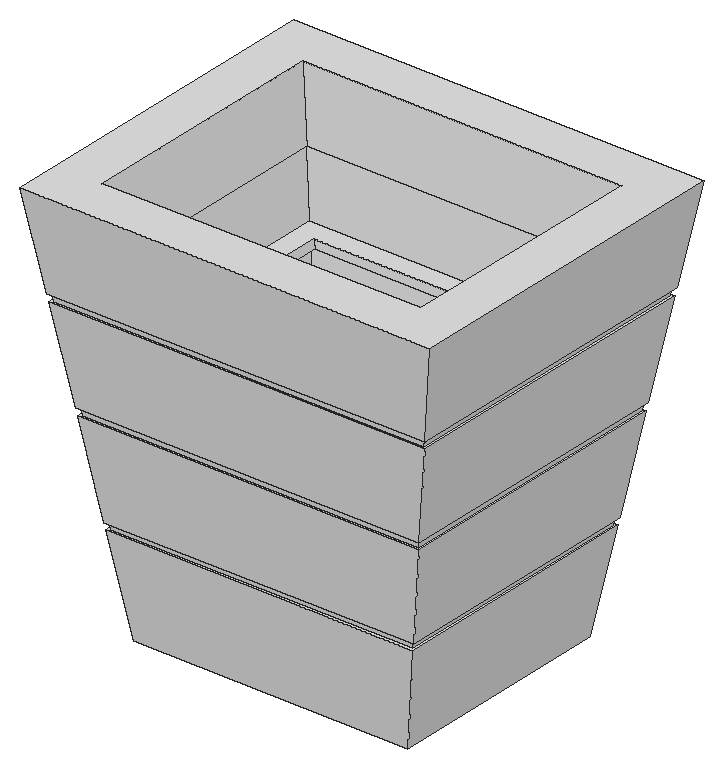
Revit family "Specialty_Equipment-Planter-Planters_Unlimited-Madera-Tapered-Square-Rectangular", category Specialty Equipment, Revit 2023
Family settings
  Round Connector Dimension = Use Diameter
  Part Type = Normal
  OmniClass Number = 23.40.05.21.17
  OmniClass Title = Planters
  Work Plane-Based = No
  Enable Cutting in Views = Yes
  Always vertical = Yes
  Cut with Voids When Loaded = No
  Maintain Annotation Orientation = No
  Shared = No
  Room Calculation Point = No
Parameters (values of type "Default - Load Type Catalog")
  Square Planter = not(Rectangle Planter)  # no
  Rectangle Planter = if(CD_Length / CD_Width = 1, 1 = 0, 1 = 1)  # yes
  CD_Width Min = 15"
  CD_Width Max = 72"
  CD_Width = if(CD_Requested Width < CD_Width Min, CD_Width Min, if(CD_Requested Width > CD_Width Max, CD_Width Max, CD_Requested Width))  # 15"
  CD_Stiffener Bottom Width = CD_Width / 1.3  # 11.53846"
  CD_Stiffener Bottom Length = CD_Length / 1.3  # 13.84615"
  CD_Stiffener Top Width = CD_Width / 1.15  # 13.04348"
  CD_Stiffener Top Length = CD_Length / 1.15  # 15.65217"
  CD_Requested Width Bottom = CD_Width / 1.5  # 10"
  CD_Requested Width = 15"
  URL = "https://www.plantersunlimited.com"
  Type Comments = "Rectangular/Square Tapered Planter"  # constant formula
  Model = "Madera Series Planters"  # constant formula
  Material = Plastic-Fiberglass-Carlsbad-Faux Wood-Grey
  Manufacturer = "Planters Unlimited"  # constant formula
  CD_Requested Length Bottom = CD_Length / 1.5  # 12"
  CD_Requested Length = 18"
  CD_Requested Height = 18"
  Description = "Modular Planting Bed"  # constant formula
  Default Elevation = 0"
  CD_Specification = "https://www.plantersunlimited.com/content/Planters/F1-MAN-TS2430-BL-M-ND.pdf"
  CD_Product Page URL = "https://www.plantersunlimited.com/manhattan-square-planters/"
  CD_Product Name = "Madera Planter"  # constant formula
  CD_Offset = 0"
  CD_Microsite = ""
  CD_Length Min = 18"
  CD_Length Max = 120"
  CD_Length = if(CD_Requested Length < CD_Length Min, CD_Length Min, if(CD_Requested Length > CD_Length Max, CD_Length Max, CD_Requested Length))  # 18"
  CD_Height Min = 18"
  CD_Height Max = 60"
  CD_Height = if(CD_Requested Height < CD_Height Min, CD_Height Min, if(CD_Requested Height > CD_Height Max, CD_Height Max, CD_Requested Height))  # 18"
  Assembly Code = "G2050600"
Reference planes (in)
  plane 1 "Center (Front/Back)": y = 0
  plane 2 "Bottom": z = 0
  plane 3 "Center (Left/Right)": x = 0
  plane 4 "Back": y = 7.5
  plane 5 "Front": y = -7.5
  plane 6 "Left": x = -9
  plane 7 "Right": x = 9
  plane 8 "Top": z = 18
  plane 9 "Top of Pads": z = 0.125
  plane 10: z = 0
  plane 11 "Back Bottom": y = 5
  plane 12 "Front Bottom": y = -5
  plane 13 "Left Bottom": x = -6
  plane 14 "Right Bottom": x = 6
  plane 15 "Top Opening Left": x = -7.25
  plane 16 "Top Opening Right": x = 7.25
  plane 17 "Top Opening Back": y = 5.75
  plane 18 "Top Opening Front": y = -5.75
  plane 19 "Bottom Opening": z = 2.125
  plane 20 "Trim Left": x = -7
  plane 21 "Trim Right": x = 7
  plane 22 "Trim Back": y = 5.5
  plane 23 "Trim Front": y = -5.5
  plane 24 "Trim Depth": z = 15
  plane 25 "Stiffener Top": z = 12
  plane 26 "Stiffener Bottom": z = 6
  plane 27 "Left Bottom Opening": x = -4.65084
  plane 28 "Right Bottom Opening": x = 4.65084
  plane 29 "Back Bottom Opening": y = 3.65234
  plane 30 "Front Bottom Opening": y = -3.65234
  plane 31 "Left Stiffener": x = -7.82609
  plane 32 "Right Stiffener": x = 7.82609
  plane 33 "Back Stiffener": y = 6.52174
  plane 34 "Front Stiffener": y = -6.52174
  plane 35 "Bottom Stiffener Left": x = -6.92308
  plane 36 "Bottom Stiffner Right": x = 6.92308
  plane 37 "Botton Stiffener Back": y = 5.76923
  plane 38 "Bottom Stiffener Front": y = -5.76923
  plane 39 "Wood One": z = 4.5
  plane 40 "Wood Two": z = 9
  plane 41 "Wood Three": z = 13.5
Forms (in)
  Blend 1, solid, material "Plastic-Fiberglass-Carlsbad-Faux Wood-Grey" <- "Material", detail levels fine
    base sketch origin (0, 0, 0) x (1, 0, 0) y (0, 1, 0)
      loop
        line (-6, 5) -> (-6, -5) -> (6, -5) -> (6, 5) -> (-6, 5)
    top sketch origin (0, 0, 0) x (1, 0, 0) y (0, 1, 0)
      loop
        line (-9, 7.5) -> (-9, -7.5) -> (9, -7.5) -> (9, 7.5) -> (-9, 7.5)
    from 0.125 to 18
  Blend 2, void
    base sketch origin (0, 0.08407, 0) x (1, 0, 0) y (0, 1, 0)
      loop
        line (-4.65084, 3.56828) -> (-4.65084, -3.73641) -> (4.65084, -3.73641) -> (4.65084, 3.56828) -> (-4.65084, 3.56828)
    top sketch origin (0, 0.08407, 0) x (1, 0, 0) y (0, 1, 0)
      loop
        line (-7.25, 5.66593) -> (-7.25, -5.83407) -> (7.25, -5.83407) -> (7.25, 5.66593) -> (-7.25, 5.66593)
    from 2.125 to 18
  Extrusion 3, solid, material "Plastic-Fiberglass-Carlsbad-Faux Wood-Grey" <- "Material", detail levels fine
    sketch origin (0, 0, 0) x (1, 0, 0) y (0, 1, 0)
      loop
        line (5, 4) -> (2, 4) -> (2, 1) -> (5, 1) -> (5, 4)
      loop
        line (-5, 4) -> (-5, 1) -> (-2, 1) -> (-2, 4) -> (-5, 4)
      loop
        line (5, -4) -> (5, -1) -> (2, -1) -> (2, -4) -> (5, -4)
      loop
        line (-5, -4) -> (-2, -4) -> (-2, -1) -> (-5, -1) -> (-5, -4)
    from 0 to 0.125
  Sweep 4, solid, material "Plastic-Fiberglass-Carlsbad-Faux Wood-Grey" <- "Material", detail levels fine
    path origin (0, 0, 0) x (1, 0, 0) y (0, 1, 0)
      loop
        line (7.25, 5.75) -> (-7.25, 5.75)
    profile origin (0, 5.75, 0) x (0, -1, 0) y (0, 0, 1)
      loop
        line (0, 18) -> (0.39641, 15) -> (0.64696, 15) -> (0.25055, 18) -> (0, 18)
  Sweep 5, solid, material "Plastic-Fiberglass-Carlsbad-Faux Wood-Grey" <- "Material", detail levels fine
    path origin (0, 0, 0) x (1, 0, 0) y (0, 1, 0)
      loop
        line (-7.25, -5.75) -> (7.25, -5.75)
    profile origin (0, -5.75, 0) x (0, 1, 0) y (0, 0, 1)
      loop
        line (0, 18) -> (0.39641, 15) -> (0.64524, 15) -> (0.24883, 18) -> (0, 18)
  Sweep 6, solid, material "Plastic-Fiberglass-Carlsbad-Faux Wood-Grey" <- "Material", detail levels fine
    path origin (0, 0, 0) x (1, 0, 0) y (0, 1, 0)
      loop
        line (-7.25, 5.75) -> (-7.25, -5.75)
    profile origin (-7.25, 0, 0) x (1, 0, 0) y (0, 0, 1)
      loop
        line (0, 18) -> (0.49118, 15) -> (0.74274, 15) -> (0.25156, 18) -> (0, 18)
  Sweep 7, solid, material "Plastic-Fiberglass-Carlsbad-Faux Wood-Grey" <- "Material", detail levels fine
    path origin (0, 0, 0) x (1, 0, 0) y (0, 1, 0)
      loop
        line (7.25, 5.75) -> (7.25, -5.75)
    profile origin (7.25, 0, 0) x (1, 0, 0) y (0, 0, 1)
      loop
        line (0, 18) -> (-0.2523, 18) -> (-0.74348, 15) -> (-0.49118, 15) -> (0, 18)
  Extrusion 8, solid, material "Plastic-Fiberglass-Carlsbad-Faux Wood-Grey" <- "Material", visible <- "Rectangle Planter", detail levels fine
    sketch origin (5.5, 0, 0) x (1, 0, 0) y (0, 1, 0)
      loop
        line (-7, 4) -> (-7, 1) -> (-4, 1) -> (-4, 4) -> (-7, 4)
      loop
        line (-7, -4) -> (-4, -4) -> (-4, -1) -> (-7, -1) -> (-7, -4)
    from 0 to 0.125
  Sweep 9, solid, material "Plastic-Fiberglass-Carlsbad-Faux Wood-Grey" <- "Material", detail levels fine
    path origin (-18, -180, 12) x (-1, 0, 0) y (0, -1, 0)
      loop
        line (-12, -186.52174) -> (-12, -173.47826)
    profile origin (-6, 0, 12) x (1, 0, 0) y (0, 0, 1)
      loop
        line (-0.2978, 0.18423) -> (-0.23748, -0.18423) -> (0.68302, -0.18423) -> (0.62269, 0.18423) -> (-0.2978, 0.18423)
  Sweep 10, solid, material "Plastic-Fiberglass-Carlsbad-Faux Wood-Grey" <- "Material", detail levels fine
    path origin (-18, -180, 12) x (-1, 0, 0) y (0, -1, 0)
      loop
        line (-24, -186.52174) -> (-24, -173.47826)
    profile origin (6, 0, 12) x (1, 0, 0) y (0, 0, 1)
      loop
        line (-0.5669, 0.18423) -> (-0.62723, -0.18423) -> (0.23748, -0.18423) -> (0.2978, 0.18423) -> (-0.5669, 0.18423)
  Sweep 11, solid, material "Plastic-Fiberglass-Carlsbad-Faux Wood-Grey" <- "Material", detail levels fine
    path origin (-18, -180, 12) x (-1, 0, 0) y (0, -1, 0)
      loop
        line (-12, -185.76923) -> (-12, -174.23077)
    profile origin (-6, 0, 12) x (1, 0, 0) y (0, 0, 1)
      loop
        line (0.68456, -5.81577) -> (0.74489, -6.18423) -> (1.66538, -6.18423) -> (1.60505, -5.81577) -> (0.68456, -5.81577)
  Sweep 12, solid, material "Plastic-Fiberglass-Carlsbad-Faux Wood-Grey" <- "Material", detail levels fine
    path origin (-18, -180, 12) x (-1, 0, 0) y (0, -1, 0)
      loop
        line (-24, -185.76923) -> (-24, -174.23077)
    profile origin (6, 0, 12) x (1, 0, 0) y (0, 0, 1)
      loop
        line (-1.54927, -5.81577) -> (-1.60959, -6.18423) -> (-0.74489, -6.18423) -> (-0.68456, -5.81577) -> (-1.54927, -5.81577)
  Sweep 13, solid, material "Plastic-Fiberglass-Carlsbad-Faux Wood-Grey" <- "Material", detail levels fine
    path origin (-18, -180, 12) x (-1, 0, 0) y (0, -1, 0)
      loop
        line (-11.07692, -185) -> (-24.92308, -185)
    profile origin (0, 5, 12) x (0, 1, 0) y (0, 0, 1)
      loop
        line (-0.81129, -5.81577) -> (-1.69389, -5.81577) -> (-1.74258, -6.18423) -> (-0.85997, -6.18423) -> (-0.81129, -5.81577)
  Sweep 14, solid, material "Plastic-Fiberglass-Carlsbad-Faux Wood-Grey" <- "Material", detail levels fine
    path origin (-18, -180, 12) x (-1, 0, 0) y (0, -1, 0)
      loop
        line (-11.07692, -173.47826) -> (-24.92308, -173.47826)
    profile origin (0, -6.52174, 12) x (0, 1, 0) y (0, 0, 1)
      loop
        line (3.20405, -5.81577) -> (2.33303, -5.81577) -> (2.38171, -6.18423) -> (3.25273, -6.18423) -> (3.20405, -5.81577)
  Extrusion 15, void, detail levels fine
    sketch origin (0, 0, 0) x (0, 1, 0) y (0, 0, 1)
      loop
        line (7.5, 18) -> (5, 0.125) -> (7.5, 0.125) -> (7.5, 18)
    from -9 to 9
  Sweep 16, solid, material "Plastic-Fiberglass-Carlsbad-Faux Wood-Grey" <- "Material", detail levels fine
    path origin (-18, -175.61663, 18) x (-1, 0, 0) y (0, -1, 0)
      loop
        line (-10.17391, -185) -> (-25.82609, -185)
    profile origin (0, 9.38337, 18) x (0, 1, 0) y (0, 0, 1)
      loop
        line (-4.40184, -5.81577) -> (-5.28444, -5.81577) -> (-5.33313, -6.18423) -> (-4.45052, -6.18423) -> (-4.40184, -5.81577)
  Sweep 17, solid, material "Plastic-Fiberglass-Carlsbad-Faux Wood-Grey" <- "Material", detail levels fine
    path origin (-18, -180.79281, 18) x (-1, 0, 0) y (0, -1, 0)
      loop
        line (-10.17391, -173.47826) -> (-25.82609, -173.47826)
    profile origin (0, -7.31455, 18) x (0, 1, 0) y (0, 0, 1)
      loop
        line (3.20405, -5.81577) -> (2.33303, -5.81577) -> (2.38171, -6.18423) -> (3.25273, -6.18423) -> (3.20405, -5.81577)
  Extrusion 18, void, detail levels fine
    sketch origin (0, 0, 0) x (0, -1, 0) y (0, 0, -1)
      loop
        line (7.5, -18) -> (7.5, -0.125) -> (5, -0.125) -> (7.5, -18)
    from -9 to 9
  Extrusion 19, void, detail levels fine
    sketch origin (0, 0, 0) x (1, 0, 0) y (0, 0, 1)
      loop
        line (-9, 18) -> (-9, 0.125) -> (-6, 0.125) -> (-9, 18)
    from -7.5 to 7.5
  Extrusion 20, void, detail levels fine
    sketch origin (0, 0, 0) x (-1, 0, 0) y (0, 0, -1)
      loop
        line (-9, -18) -> (-6, -0.125) -> (-9, -0.125) -> (-9, -18)
    from -7.5 to 7.5
  Blend 21, solid, material "Plastic-Fiberglass-Carlsbad-Faux Wood-Grey" <- "Material", detail levels medium
    base sketch origin (0, 0, 0) x (1, 0, 0) y (0, 1, 0)
      loop
        line (-6, 5) -> (-6, -5) -> (6, -5) -> (6, 5) -> (-6, 5)
    top sketch origin (0, 0, 0) x (1, 0, 0) y (0, 1, 0)
      loop
        line (-9, 7.5) -> (-9, -7.5) -> (9, -7.5) -> (9, 7.5) -> (-9, 7.5)
    from 0 to 18
  Extrusion 22, void, detail levels medium
    sketch origin (0, 0, 0) x (-1, 0, 0) y (0, 0, -1)
      loop
        line (-9, -18) -> (-6, 0) -> (-9, 0) -> (-9, -18)
    from -7.5 to 7.5
  Sweep 23, solid, material "Plastic-Fiberglass-Carlsbad-Faux Wood-Grey" <- "Material", detail levels medium
    path origin (0, 0, 0) x (1, 0, 0) y (0, 1, 0)
      loop
        line (-7.25, 5.75) -> (-7.25, -5.75)
    profile origin (-7.25, 0, 0) x (1, 0, 0) y (0, 0, 1)
      loop
        line (0, 18) -> (0.49118, 15) -> (0.74274, 15) -> (0.25156, 18) -> (0, 18)
  Extrusion 24, void, detail levels medium
    sketch origin (0, 0, 0) x (0, -1, 0) y (0, 0, -1)
      loop
        line (5, 0) -> (7.5, -18) -> (7.5, 0) -> (5, 0)
    from -9 to 9
  Sweep 25, solid, material "Plastic-Fiberglass-Carlsbad-Faux Wood-Grey" <- "Material", detail levels medium
    path origin (0, 0, 0) x (1, 0, 0) y (0, 1, 0)
      loop
        line (7.25, 5.75) -> (7.25, -5.75)
    profile origin (7.25, 0, 0) x (1, 0, 0) y (0, 0, 1)
      loop
        line (0, 18) -> (-0.2523, 18) -> (-0.74348, 15) -> (-0.49118, 15) -> (0, 18)
  Sweep 26, solid, material "Plastic-Fiberglass-Carlsbad-Faux Wood-Grey" <- "Material", detail levels medium
    path origin (0, 0, 0) x (1, 0, 0) y (0, 1, 0)
      loop
        line (7.25, 5.75) -> (-7.25, 5.75)
    profile origin (0, 5.75, 0) x (0, -1, 0) y (0, 0, 1)
      loop
        line (0, 18) -> (0.39641, 15) -> (0.64696, 15) -> (0.25055, 18) -> (0, 18)
  Sweep 27, solid, material "Plastic-Fiberglass-Carlsbad-Faux Wood-Grey" <- "Material", detail levels medium
    path origin (0, 0, 0) x (1, 0, 0) y (0, 1, 0)
      loop
        line (-7.25, -5.75) -> (7.25, -5.75)
    profile origin (0, -5.75, 0) x (0, 1, 0) y (0, 0, 1)
      loop
        line (0, 18) -> (0.39641, 15) -> (0.64524, 15) -> (0.24883, 18) -> (0, 18)
  Extrusion 28, void, detail levels medium
    sketch origin (0, 0, 0) x (1, 0, 0) y (0, 0, 1)
      loop
        line (-9, 18) -> (-9, 0) -> (-6, 0) -> (-9, 18)
    from -7.5 to 7.5
  Extrusion 29, void, detail levels medium
    sketch origin (0, 0, 0) x (-1, 0, 0) y (0, 0, -1)
      loop
        line (-9, -18) -> (-6, 0) -> (-9, 0) -> (-9, -18)
    from -7.5 to 7.5
  Extrusion 30, void, detail levels medium
    sketch origin (0, 0, 0) x (0, 1, 0) y (0, 0, 1)
      loop
        line (-7.5, 18) -> (-7.5, 0) -> (-5, 0) -> (-7.5, 18)
    from -9 to 9
  Blend 31, solid, material "Plastic-Fiberglass-Carlsbad-Faux Wood-Grey" <- "Material", detail levels coarse
    base sketch origin (0, 0, 0) x (1, 0, 0) y (0, 1, 0)
      loop
        line (-6, 5) -> (-6, -5) -> (6, -5) -> (6, 5) -> (-6, 5)
    top sketch origin (0, 0, 0) x (1, 0, 0) y (0, 1, 0)
      loop
        line (-9, 7.5) -> (-9, -7.5) -> (9, -7.5) -> (9, 7.5) -> (-9, 7.5)
    from 0 to 18
  Extrusion 32, void, detail levels medium
    sketch origin (0, 0, 0) x (0, 1, 0) y (0, 0, 1)
      loop
        line (5, 0) -> (7.5, 0) -> (7.5, 18) -> (5, 0)
    from -9 to 9
  Sweep 33, solid, material "Plastic-Fiberglass-Carlsbad-Faux Wood-Grey" <- "Material", detail levels medium
    path origin (-18, -180, 12) x (-1, 0, 0) y (0, -1, 0)
      loop
        line (-12, -186.52174) -> (-12, -173.47826)
    profile origin (-6, 0, 12) x (1, 0, 0) y (0, 0, 1)
      loop
        line (-0.2978, 0.18423) -> (-0.23748, -0.18423) -> (0.68302, -0.18423) -> (0.62269, 0.18423) -> (-0.2978, 0.18423)
  Sweep 34, solid, material "Plastic-Fiberglass-Carlsbad-Faux Wood-Grey" <- "Material", detail levels medium
    path origin (-18, -180, 12) x (-1, 0, 0) y (0, -1, 0)
      loop
        line (-24, -186.52174) -> (-24, -173.47826)
    profile origin (6, 0, 12) x (1, 0, 0) y (0, 0, 1)
      loop
        line (-0.5669, 0.18423) -> (-0.62723, -0.18423) -> (0.23748, -0.18423) -> (0.2978, 0.18423) -> (-0.5669, 0.18423)
  Sweep 35, solid, material "Plastic-Fiberglass-Carlsbad-Faux Wood-Grey" <- "Material", detail levels medium
    path origin (-18, -180, 12) x (-1, 0, 0) y (0, -1, 0)
      loop
        line (-12, -185.76923) -> (-12, -174.23077)
    profile origin (-6, 0, 12) x (1, 0, 0) y (0, 0, 1)
      loop
        line (0.68456, -5.81577) -> (0.74489, -6.18423) -> (1.66538, -6.18423) -> (1.60505, -5.81577) -> (0.68456, -5.81577)
  Sweep 36, solid, material "Plastic-Fiberglass-Carlsbad-Faux Wood-Grey" <- "Material", detail levels medium
    path origin (-18, -180, 12) x (-1, 0, 0) y (0, -1, 0)
      loop
        line (-24, -185.76923) -> (-24, -174.23077)
    profile origin (6, 0, 12) x (1, 0, 0) y (0, 0, 1)
      loop
        line (-1.54927, -5.81577) -> (-1.60959, -6.18423) -> (-0.74489, -6.18423) -> (-0.68456, -5.81577) -> (-1.54927, -5.81577)
  Sweep 37, solid, material "Plastic-Fiberglass-Carlsbad-Faux Wood-Grey" <- "Material", detail levels medium
    path origin (-18, -180, 12) x (-1, 0, 0) y (0, -1, 0)
      loop
        line (-11.07692, -185) -> (-24.92308, -185)
    profile origin (0, 5, 12) x (0, 1, 0) y (0, 0, 1)
      loop
        line (-0.81129, -5.81577) -> (-1.69389, -5.81577) -> (-1.74258, -6.18423) -> (-0.85997, -6.18423) -> (-0.81129, -5.81577)
  Sweep 38, solid, material "Plastic-Fiberglass-Carlsbad-Faux Wood-Grey" <- "Material", detail levels medium
    path origin (-18, -180, 12) x (-1, 0, 0) y (0, -1, 0)
      loop
        line (-11.07692, -173.47826) -> (-24.92308, -173.47826)
    profile origin (0, -6.52174, 12) x (0, 1, 0) y (0, 0, 1)
      loop
        line (3.20405, -5.81577) -> (2.33303, -5.81577) -> (2.38171, -6.18423) -> (3.25273, -6.18423) -> (3.20405, -5.81577)
  Sweep 39, solid, material "Plastic-Fiberglass-Carlsbad-Faux Wood-Grey" <- "Material", detail levels medium
    path origin (-18, -175.61663, 18) x (-1, 0, 0) y (0, -1, 0)
      loop
        line (-10.17391, -185) -> (-25.82609, -185)
    profile origin (0, 9.38337, 18) x (0, 1, 0) y (0, 0, 1)
      loop
        line (-4.40184, -5.81577) -> (-5.28444, -5.81577) -> (-5.33313, -6.18423) -> (-4.45052, -6.18423) -> (-4.40184, -5.81577)
  Sweep 40, solid, material "Plastic-Fiberglass-Carlsbad-Faux Wood-Grey" <- "Material", detail levels medium
    path origin (-18, -180.79281, 18) x (-1, 0, 0) y (0, -1, 0)
      loop
        line (-10.17391, -173.47826) -> (-25.82609, -173.47826)
    profile origin (0, -7.31455, 18) x (0, 1, 0) y (0, 0, 1)
      loop
        line (3.20405, -5.81577) -> (2.33303, -5.81577) -> (2.38171, -6.18423) -> (3.25273, -6.18423) -> (3.20405, -5.81577)
  Sweep 41, solid, material "Plastic-Fiberglass-Carlsbad-Faux Wood-Grey" <- "Material", detail levels coarse
    path origin (0, 0, 0) x (1, 0, 0) y (0, 1, 0)
      loop
        line (-7.25, 5.75) -> (-7.25, -5.75)
    profile origin (-7.25, 0, 0) x (1, 0, 0) y (0, 0, 1)
      loop
        line (0, 18) -> (0.49118, 15) -> (0.74274, 15) -> (0.25156, 18) -> (0, 18)
  Sweep 42, solid, material "Plastic-Fiberglass-Carlsbad-Faux Wood-Grey" <- "Material", detail levels coarse
    path origin (0, 0, 0) x (1, 0, 0) y (0, 1, 0)
      loop
        line (7.25, 5.75) -> (7.25, -5.75)
    profile origin (7.25, 0, 0) x (1, 0, 0) y (0, 0, 1)
      loop
        line (0, 18) -> (-0.2523, 18) -> (-0.74348, 15) -> (-0.49118, 15) -> (0, 18)
  Sweep 43, solid, material "Plastic-Fiberglass-Carlsbad-Faux Wood-Grey" <- "Material", detail levels coarse
    path origin (0, 0, 0) x (1, 0, 0) y (0, 1, 0)
      loop
        line (-7.25, -5.75) -> (7.25, -5.75)
    profile origin (0, -5.75, 0) x (0, 1, 0) y (0, 0, 1)
      loop
        line (0, 18) -> (0.39641, 15) -> (0.64524, 15) -> (0.24883, 18) -> (0, 18)
  Sweep 44, solid, material "Plastic-Fiberglass-Carlsbad-Faux Wood-Grey" <- "Material", detail levels coarse
    path origin (0, 0, 0) x (1, 0, 0) y (0, 1, 0)
      loop
        line (7.25, 5.75) -> (-7.25, 5.75)
    profile origin (0, 5.75, 0) x (0, -1, 0) y (0, 0, 1)
      loop
        line (0, 18) -> (0.39641, 15) -> (0.64696, 15) -> (0.25055, 18) -> (0, 18)
  Extrusion 45, void
    sketch origin (0, 0, 0) x (1, 0, 0) y (0, 0, 1)
      loop
        line (-9, 18) -> (-9, 0) -> (-6, 0) -> (-9, 18)
    from -7.5 to 7.5
  Extrusion 46, void
    sketch origin (0, 0, 0) x (-1, 0, 0) y (0, 0, -1)
      loop
        line (-9, -18) -> (-6, 0) -> (-9, 0) -> (-9, -18)
    from -7.5 to 7.5
  Extrusion 47, void
    sketch origin (0, 0, 0) x (0, 1, 0) y (0, 0, 1)
      loop
        line (5, 0) -> (7.5, 0) -> (7.5, 18) -> (5, 0)
    from -9 to 9
  Extrusion 48, void
    sketch origin (0, 0, 0) x (0, 1, 0) y (0, 0, 1)
      loop
        line (-7.5, 18) -> (-7.5, 0) -> (-5, 0) -> (-7.5, 18)
    from -9 to 9
  Extrusion 49, void
    sketch origin (0, 0, 0) x (1, 0, 0) y (0, 0, 1)
      loop
        line (8.125, 13.5) -> (8.25, 13.5) -> (8.3013, 13.80783) -> (8.1763, 13.80783) -> (8.125, 13.5)
      loop
        line (7.375, 9) -> (7.5, 9) -> (7.5513, 9.30783) -> (7.4263, 9.30783) -> (7.375, 9)
      loop
        line (6.625, 4.5) -> (6.75, 4.5) -> (6.8013, 4.80783) -> (6.6763, 4.80783) -> (6.625, 4.5)
    from -7.5 to 7.5
  Extrusion 50, void
    sketch origin (0, 0, 0) x (0, 1, 0) y (0, 0, 1)
      loop
        line (6.87063, 13.5) -> (6.91368, 13.80783) -> (6.78868, 13.80783) -> (6.74563, 13.5) -> (6.87063, 13.5)
    from -9 to 9
  Extrusion 51, void
    sketch origin (0, 0, 0) x (0, 1, 0) y (0, 0, 1)
      loop
        line (6.25, 9) -> (6.29275, 9.30783) -> (6.16775, 9.30783) -> (6.125, 9) -> (6.25, 9)
      loop
        line (5.625, 4.5) -> (5.66775, 4.80783) -> (5.54275, 4.80783) -> (5.5, 4.5) -> (5.625, 4.5)
    from -9 to 9
  Extrusion 52, void
    sketch origin (0, 0, 0) x (1, 0, 0) y (0, 0, 1)
      loop
        line (-8.3013, 13.80783) -> (-8.25, 13.5) -> (-8.125, 13.5) -> (-8.1763, 13.80783) -> (-8.3013, 13.80783)
      loop
        line (-7.5513, 9.30783) -> (-7.5, 9) -> (-7.375, 9) -> (-7.4263, 9.30783) -> (-7.5513, 9.30783)
      loop
        line (-6.8013, 4.80783) -> (-6.75, 4.5) -> (-6.625, 4.5) -> (-6.6763, 4.80783) -> (-6.8013, 4.80783)
    from -7.5 to 7.5
  Extrusion 53, void
    sketch origin (0, 0, 0) x (0, 1, 0) y (0, 0, 1)
      loop
        line (-6.91775, 13.80783) -> (-6.875, 13.5) -> (-6.75, 13.5) -> (-6.79275, 13.80783) -> (-6.91775, 13.80783)
      loop
        line (-6.29275, 9.30783) -> (-6.25, 9) -> (-6.125, 9) -> (-6.16775, 9.30783) -> (-6.29275, 9.30783)
      loop
        line (-5.66775, 4.80783) -> (-5.625, 4.5) -> (-5.5, 4.5) -> (-5.54275, 4.80783) -> (-5.66775, 4.80783)
    from -9 to 9
  Extrusion 54, void
    sketch origin (0, 0, 0) x (0, 1, 0) y (0, 0, 1)
      loop
        line (-6.91368, 13.80783) -> (-6.87063, 13.5) -> (-6.74563, 13.5) -> (-6.78868, 13.80783) -> (-6.91368, 13.80783)
      loop
        line (-6.28431, 9.30783) -> (-6.24126, 9) -> (-6.11626, 9) -> (-6.15931, 9.30783) -> (-6.28431, 9.30783)
      loop
        line (-5.65494, 4.80783) -> (-5.61189, 4.5) -> (-5.48689, 4.5) -> (-5.52994, 4.80783) -> (-5.65494, 4.80783)
    from -9 to 9
Cuts and joins
  Blend 2, Extrusion 15, Extrusion 18, Extrusion 19, Extrusion 20, Extrusion 22, Extrusion 49, Extrusion 50, Extrusion 51, Extrusion 52, Extrusion 54 cuts Blend 1
  Extrusion 15, Extrusion 18, Extrusion 19, Extrusion 20, Extrusion 22, Extrusion 49, Extrusion 50, Extrusion 51, Extrusion 52, Extrusion 54 cuts Sweep 4
  Extrusion 15, Extrusion 18, Extrusion 19, Extrusion 20, Extrusion 22, Extrusion 49, Extrusion 50, Extrusion 51, Extrusion 52, Extrusion 54 cuts Sweep 5
  Extrusion 15, Extrusion 18, Extrusion 19, Extrusion 20, Extrusion 22, Extrusion 49, Extrusion 50, Extrusion 51, Extrusion 52, Extrusion 54 cuts Sweep 6
  Extrusion 15, Extrusion 18, Extrusion 19, Extrusion 20, Extrusion 22, Extrusion 49, Extrusion 50, Extrusion 51, Extrusion 52, Extrusion 54 cuts Sweep 7
  Extrusion 15, Extrusion 18, Extrusion 19, Extrusion 20, Extrusion 22, Extrusion 49, Extrusion 50, Extrusion 51, Extrusion 52, Extrusion 54 cuts Sweep 9
  Extrusion 15, Extrusion 18, Extrusion 19, Extrusion 20, Extrusion 22, Extrusion 49, Extrusion 50, Extrusion 51, Extrusion 52, Extrusion 54 cuts Sweep 10
  Extrusion 15, Extrusion 18, Extrusion 19, Extrusion 20, Extrusion 22, Extrusion 49, Extrusion 50, Extrusion 51, Extrusion 52, Extrusion 54 cuts Sweep 11
  Extrusion 15, Extrusion 18, Extrusion 19, Extrusion 20, Extrusion 22, Extrusion 49, Extrusion 50, Extrusion 51, Extrusion 52, Extrusion 54 cuts Sweep 12
  Extrusion 15, Extrusion 18, Extrusion 19, Extrusion 20, Extrusion 22, Extrusion 49, Extrusion 50, Extrusion 51, Extrusion 52, Extrusion 54 cuts Sweep 13
  Extrusion 15, Extrusion 18, Extrusion 19, Extrusion 20, Extrusion 22, Extrusion 49, Extrusion 50, Extrusion 51, Extrusion 52, Extrusion 54 cuts Sweep 14
  Extrusion 18, Extrusion 19, Extrusion 20, Extrusion 22, Extrusion 49, Extrusion 50, Extrusion 51, Extrusion 52, Extrusion 54 cuts Sweep 16
  Extrusion 18, Extrusion 19, Extrusion 20, Extrusion 22, Extrusion 49, Extrusion 50, Extrusion 51, Extrusion 52, Extrusion 54 cuts Sweep 17
  joined: Blend 1, Sweep 4, Sweep 5, Sweep 6, Sweep 7, Sweep 9, Sweep 10, Sweep 11, Sweep 12, Sweep 13, Sweep 14, Sweep 16, Sweep 17
  Blend 2, Extrusion 22, Extrusion 24, Extrusion 28, Extrusion 29, Extrusion 30, Extrusion 32, Extrusion 45, Extrusion 46, Extrusion 47, Extrusion 48, Extrusion 49, Extrusion 50, Extrusion 51, Extrusion 52, Extrusion 53 cuts Blend 21
  Extrusion 24, Extrusion 28, Extrusion 29, Extrusion 30, Extrusion 32, Extrusion 45, Extrusion 46, Extrusion 47, Extrusion 48, Extrusion 49, Extrusion 50, Extrusion 51, Extrusion 52, Extrusion 53 cuts Sweep 23
  Extrusion 28, Extrusion 29, Extrusion 30, Extrusion 32, Extrusion 45, Extrusion 46, Extrusion 47, Extrusion 48, Extrusion 49, Extrusion 50, Extrusion 51, Extrusion 52, Extrusion 53 cuts Sweep 25
  Extrusion 28, Extrusion 29, Extrusion 30, Extrusion 32, Extrusion 45, Extrusion 46, Extrusion 47, Extrusion 48, Extrusion 49, Extrusion 50, Extrusion 51, Extrusion 52, Extrusion 53 cuts Sweep 26
  Extrusion 22, Extrusion 28, Extrusion 29, Extrusion 30, Extrusion 32, Extrusion 45, Extrusion 46, Extrusion 47, Extrusion 48, Extrusion 49, Extrusion 50, Extrusion 51, Extrusion 52, Extrusion 53 cuts Sweep 27
  Extrusion 45, Extrusion 46, Extrusion 47, Extrusion 48, Extrusion 49, Extrusion 50, Extrusion 51, Extrusion 52, Extrusion 53 cuts Sweep 33
  Extrusion 45, Extrusion 46, Extrusion 47, Extrusion 48, Extrusion 49, Extrusion 50, Extrusion 51, Extrusion 52, Extrusion 53 cuts Sweep 34
  Extrusion 45, Extrusion 46, Extrusion 47, Extrusion 48, Extrusion 49, Extrusion 50, Extrusion 51, Extrusion 52, Extrusion 53 cuts Sweep 35
  Extrusion 45, Extrusion 46, Extrusion 47, Extrusion 48, Extrusion 49, Extrusion 50, Extrusion 51, Extrusion 52, Extrusion 53 cuts Sweep 36
  Extrusion 45, Extrusion 46, Extrusion 47, Extrusion 48, Extrusion 49, Extrusion 50, Extrusion 51, Extrusion 52, Extrusion 53 cuts Sweep 37
  Extrusion 45, Extrusion 46, Extrusion 47, Extrusion 48, Extrusion 49, Extrusion 50, Extrusion 51, Extrusion 52, Extrusion 53 cuts Sweep 38
  Extrusion 45, Extrusion 46, Extrusion 47, Extrusion 48, Extrusion 49, Extrusion 50, Extrusion 51, Extrusion 52, Extrusion 53 cuts Sweep 39
  Extrusion 45, Extrusion 46, Extrusion 47, Extrusion 48, Extrusion 49, Extrusion 50, Extrusion 51, Extrusion 52, Extrusion 53 cuts Sweep 40
  joined: Blend 21, Sweep 23, Sweep 25, Sweep 26, Sweep 27, Sweep 33, Sweep 34, Sweep 35, Sweep 36, Sweep 37, Sweep 38, Sweep 39, Sweep 40
  Blend 2, Extrusion 32, Extrusion 45, Extrusion 46, Extrusion 47, Extrusion 48 cuts Blend 31
  Extrusion 45, Extrusion 46, Extrusion 47, Extrusion 48, Extrusion 49, Extrusion 50, Extrusion 51, Extrusion 52, Extrusion 53 cuts Sweep 41
  Extrusion 45, Extrusion 46, Extrusion 47, Extrusion 48, Extrusion 49, Extrusion 50, Extrusion 51, Extrusion 52, Extrusion 53 cuts Sweep 42
  Extrusion 45, Extrusion 46, Extrusion 47, Extrusion 48, Extrusion 49, Extrusion 50, Extrusion 51, Extrusion 52, Extrusion 53 cuts Sweep 43
  Extrusion 45, Extrusion 46, Extrusion 47, Extrusion 48, Extrusion 49, Extrusion 50, Extrusion 51, Extrusion 52, Extrusion 53 cuts Sweep 44
  joined: Blend 31, Sweep 41, Sweep 42, Sweep 43, Sweep 44
Dimensions and locks (in)
  equal spacing: plane 6 "Left", plane 3 "Center (Left/Right)", plane 7 "Right"
  "CD_Length": plane 6 "Left" to plane 7 "Right"
  equal spacing: plane 4 "Back", plane 1 "Center (Front/Back)", plane 5 "Front"
  "CD_Width": plane 5 "Front" to plane 4 "Back"
  equal spacing: plane 13 "Left Bottom", plane 3 "Center (Left/Right)", plane 14 "Right Bottom"
  equal spacing: plane 11 "Back Bottom", plane 1 "Center (Front/Back)", plane 12 "Front Bottom"
  "CD_Requested Length Bottom": plane 13 "Left Bottom" to plane 14 "Right Bottom"
  "CD_Requested Width Bottom": plane 11 "Back Bottom" to plane 12 "Front Bottom"
  locked: plane 4 "Back" to plane 17 "Top Opening Back" at 1.75
  locked: plane 5 "Front" to plane 18 "Top Opening Front" at 1.75
  locked: plane 6 "Left" to plane 15 "Top Opening Left" at 1.75
  locked: plane 16 "Top Opening Right" to plane 7 "Right" at 1.75
  locked: plane 19 "Bottom Opening" to plane 9 "Top of Pads" at 2
  locked: plane 6 "Left" to plane 20 "Trim Left" at 2
  locked: plane 21 "Trim Right" to plane 7 "Right" at 2
  locked: plane 4 "Back" to plane 22 "Trim Back" at 2
  locked: plane 5 "Front" to plane 23 "Trim Front" at 2
  locked: plane 8 "Top" to plane 24 "Trim Depth" at 3
  locked: Extrusion 3 sketch curve to Extrusion 3 sketch curve at 3  (x8)
  locked: plane 9 "Top of Pads" to plane 2 "Bottom" at 0.125
  "CD_Offset": plane 2 "Bottom" to level
  "CD_Height": plane 8 "Top" to plane 2 "Bottom"
  locked: Extrusion 3 sketch curve to plane 14 "Right Bottom" at 1  (x2)
  locked: plane 11 "Back Bottom" to Extrusion 3 sketch curve at 1  (x2)
  locked: plane 13 "Left Bottom" to Extrusion 3 sketch curve at 1  (x2)
  locked: plane 12 "Front Bottom" to Extrusion 3 sketch curve at 1
  locked: Extrusion 3 sketch curve to plane 12 "Front Bottom" at 1
  equal spacing: plane 8 "Top", plane 25 "Stiffener Top", plane 26 "Stiffener Bottom", plane 2 "Bottom"
  locked: plane 13 "Left Bottom" to plane 27 "Left Bottom Opening" at 1.34916
  locked: plane 28 "Right Bottom Opening" to plane 14 "Right Bottom" at 1.34916
  locked: plane 11 "Back Bottom" to plane 29 "Back Bottom Opening" at 1.34766
  locked: plane 12 "Front Bottom" to plane 30 "Front Bottom Opening" at 1.34766
  plane 4 "Back" to plane 22 "Trim Back" = 2"
  locked: Sweep 4 sketch curve to Sweep 4 sketch curve at 0.24839
  locked: Sweep 4 sketch curve to Sweep 4 sketch curve at 3
  locked: Sweep 7 sketch curve to Sweep 7 sketch curve at 0.24899
  locked: Sweep 7 sketch curve to Sweep 7 sketch curve at 3
  locked: Sweep 6 sketch curve to Sweep 6 sketch curve at 0.24825
  locked: Sweep 6 sketch curve to Sweep 6 sketch curve at 3
  locked: Sweep 5 sketch curve to Sweep 5 sketch curve at 0.24669
  locked: Sweep 5 sketch curve to Sweep 5 sketch curve at 3
  locked: Extrusion 8 sketch curve to Extrusion 8 sketch curve at 3  (x4)
  locked: Sweep 9 sketch curve to Sweep 9 sketch curve at 0.9084
  equal spacing: Sweep 9 sketch curve, profile plane, Sweep 9 sketch curve
  locked: Sweep 9 sketch curve to Sweep 9 sketch curve at 0.36846
  locked: Sweep 10 sketch curve to Sweep 10 sketch curve at 0.85334
  equal spacing: Sweep 10 sketch curve, profile plane, Sweep 10 sketch curve
  locked: Sweep 10 sketch curve to Sweep 10 sketch curve at 0.36846
  equal spacing: plane 31 "Left Stiffener", plane 3 "Center (Left/Right)", plane 32 "Right Stiffener"
  "CD_Stiffener Top Length": plane 31 "Left Stiffener" to plane 32 "Right Stiffener"
  equal spacing: plane 34 "Front Stiffener", plane 1 "Center (Front/Back)", plane 33 "Back Stiffener"
  "CD_Stiffener Top Width": plane 33 "Back Stiffener" to plane 34 "Front Stiffener"
  equal spacing: plane 35 "Bottom Stiffener Left", plane 3 "Center (Left/Right)", plane 36 "Bottom Stiffner Right"
  "CD_Stiffener Bottom Length": plane 35 "Bottom Stiffener Left" to plane 36 "Bottom Stiffner Right"
  Extrusion 8 sketch curve to plane 11 "Back Bottom" = 1"
  equal spacing: Extrusion 8 sketch curve, plane 3 "Center (Left/Right)", Extrusion 8 sketch curve  (x2)
  locked: plane 12 "Front Bottom" to Extrusion 8 sketch curve at 1
  locked: Sweep 11 sketch curve to Sweep 11 sketch curve at 0.9084
  locked: Sweep 12 sketch curve to Sweep 12 sketch curve at 0.85334
  locked: Sweep 13 sketch curve to Sweep 13 sketch curve at 0.875
  locked: Sweep 14 sketch curve to Sweep 14 sketch curve at 0.86352
  locked: Sweep 11 sketch curve to Sweep 11 sketch curve at 0.36846
  equal spacing: Sweep 11 sketch curve, plane 26 "Stiffener Bottom", Sweep 11 sketch curve
  equal spacing: Sweep 12 sketch curve, plane 26 "Stiffener Bottom", Sweep 12 sketch curve
  locked: Sweep 12 sketch curve to Sweep 12 sketch curve at 0.36846
  equal spacing: Sweep 13 sketch curve, plane 26 "Stiffener Bottom", Sweep 13 sketch curve
  locked: Sweep 13 sketch curve to Sweep 13 sketch curve at 0.36846
  equal spacing: Sweep 14 sketch curve, plane 26 "Stiffener Bottom", Sweep 14 sketch curve
  locked: Sweep 14 sketch curve to Sweep 14 sketch curve at 0.36846
  equal spacing: plane 38 "Bottom Stiffener Front", plane 1 "Center (Front/Back)", plane 37 "Botton Stiffener Back"
  "CD_Stiffener Bottom Width": plane 38 "Bottom Stiffener Front" to plane 37 "Botton Stiffener Back"
  locked: Sweep 16 sketch curve to Sweep 16 sketch curve at 0.875
  locked: Sweep 16 sketch curve to Sweep 16 sketch curve at 0.36846
  equal spacing: Sweep 16 sketch curve, plane 25 "Stiffener Top", Sweep 16 sketch curve
  locked: Sweep 17 sketch curve to Sweep 17 sketch curve at 0.86352
  Sweep 17 sketch curve to Sweep 17 sketch curve = 0.36846"
  locked: Sweep 17 sketch curve to Sweep 17 sketch curve at 0.36846
  equal spacing: Sweep 17 sketch curve, plane 25 "Stiffener Top", Sweep 17 sketch curve
  locked: Sweep 23 sketch curve to Sweep 23 sketch curve at 3
  locked: Sweep 23 sketch curve to Sweep 23 sketch curve at 0.24825
  locked: Sweep 25 sketch curve to Sweep 25 sketch curve at 3
  locked: Sweep 25 sketch curve to Sweep 25 sketch curve at 0.24899
  locked: Sweep 26 sketch curve to Sweep 26 sketch curve at 0.24839
  locked: Sweep 26 sketch curve to Sweep 26 sketch curve at 3
  locked: Sweep 27 sketch curve to Sweep 27 sketch curve at 3
  locked: Sweep 27 sketch curve to Sweep 27 sketch curve at 0.24669
  locked: Sweep 33 sketch curve to Sweep 33 sketch curve at 0.9084
  equal spacing: Sweep 33 sketch curve, profile plane, Sweep 33 sketch curve
  locked: Sweep 33 sketch curve to Sweep 33 sketch curve at 0.36846
  locked: Sweep 34 sketch curve to Sweep 34 sketch curve at 0.85334
  equal spacing: Sweep 34 sketch curve, profile plane, Sweep 34 sketch curve
  locked: Sweep 34 sketch curve to Sweep 34 sketch curve at 0.36846
  locked: Sweep 35 sketch curve to Sweep 35 sketch curve at 0.9084
  locked: Sweep 36 sketch curve to Sweep 36 sketch curve at 0.85334
  locked: Sweep 35 sketch curve to Sweep 35 sketch curve at 0.36846
  locked: Sweep 36 sketch curve to Sweep 36 sketch curve at 0.36846
  equal spacing: Sweep 36 sketch curve, plane 26 "Stiffener Bottom", Sweep 36 sketch curve
  equal spacing: Sweep 35 sketch curve, plane 26 "Stiffener Bottom", Sweep 35 sketch curve
  locked: Sweep 37 sketch curve to Sweep 37 sketch curve at 0.875
  locked: Sweep 38 sketch curve to Sweep 38 sketch curve at 0.86352
  locked: Sweep 37 sketch curve to Sweep 37 sketch curve at 0.36846
  locked: Sweep 39 sketch curve to Sweep 39 sketch curve at 0.875
  locked: Sweep 39 sketch curve to Sweep 39 sketch curve at 0.36846
  locked: Sweep 40 sketch curve to Sweep 40 sketch curve at 0.86352
  equal spacing: Sweep 39 sketch curve, plane 25 "Stiffener Top", Sweep 39 sketch curve
  equal spacing: Sweep 40 sketch curve, plane 25 "Stiffener Top", Sweep 40 sketch curve
  locked: Sweep 40 sketch curve to Sweep 40 sketch curve at 0.36846
  equal spacing: Sweep 37 sketch curve, plane 26 "Stiffener Bottom", Sweep 37 sketch curve
  equal spacing: cut or joined group 1 (Blend 2, Blend 21, Extrusion 22, Sweep 23, Extrusion 24, Sweep 25, Sweep 26, Sweep 27, Extrusion 28, Extrusion 29, Extrusion 30, Extrusion 32, Sweep 33, Sweep 34, Sweep 35, Sweep 36, Sweep 37, Sweep 38, Sweep 39, Sweep 40, Extrusion 45, Extrusion 46, Extrusion 47, Extrusion 48, Extrusion 49, Extrusion 50, Extrusion 51, Extrusion 52, Extrusion 53), plane 26 "Stiffener Bottom", Sweep 38 sketch curve
  locked: Sweep 38 sketch curve to Sweep 38 sketch curve at 0.36846
  locked: Sweep 41 sketch curve to Sweep 41 sketch curve at 3
  locked: Sweep 41 sketch curve to Sweep 41 sketch curve at 0.24825
  locked: Sweep 42 sketch curve to Sweep 42 sketch curve at 3
  locked: Sweep 42 sketch curve to Sweep 42 sketch curve at 0.24899
  locked: Sweep 43 sketch curve to Sweep 43 sketch curve at 3
  locked: Sweep 43 sketch curve to Sweep 43 sketch curve at 0.24669
  locked: Sweep 44 sketch curve to Sweep 44 sketch curve at 0.24839
  locked: Sweep 44 sketch curve to Sweep 44 sketch curve at 3
  equal spacing: plane 8 "Top", plane 41 "Wood Three", plane 40 "Wood Two", plane 39 "Wood One", plane 2 "Bottom"
  locked: Extrusion 49 sketch curve to Extrusion 49 sketch curve at 0.30783  (x3)
  locked: Extrusion 49 sketch curve to Extrusion 49 sketch curve at 0.1233  (x3)
  locked: Extrusion 50 sketch curve to Extrusion 50 sketch curve at 0.1238
  locked: Extrusion 50 sketch curve to Extrusion 50 sketch curve at 0.30783
  locked: Extrusion 51 sketch curve to Extrusion 51 sketch curve at 0.12381  (x2)
  locked: Extrusion 51 sketch curve to Extrusion 51 sketch curve at 0.30783  (x2)
  locked: Extrusion 52 sketch curve to Extrusion 52 sketch curve at 0.1233  (x3)
  locked: cut or joined group 1 to Extrusion 52 sketch curve at 0.30783
  locked: Extrusion 52 sketch curve to Extrusion 52 sketch curve at 0.30783  (x2)
  locked: Extrusion 53 sketch curve to Extrusion 53 sketch curve at 0.12381  (x3)
  locked: Extrusion 53 sketch curve to Extrusion 53 sketch curve at 0.30783  (x3)
  locked: Extrusion 54 sketch curve to Extrusion 54 sketch curve at 0.1238  (x3)
  locked: Extrusion 54 sketch curve to plane 41 "Wood Three" at 0.30783
  locked: Extrusion 54 sketch curve to Extrusion 54 sketch curve at 0.30783  (x2)
  aligned and locked: Blend 1 sketch curve to plane 11 "Back Bottom"
  aligned and locked: plane 13 "Left Bottom" to Blend 1 sketch curve
  aligned and locked: Blend 1 sketch curve to plane 12 "Front Bottom"
  aligned and locked: plane 14 "Right Bottom" to Blend 1 sketch curve
  aligned and locked: Blend 1 sketch curve to plane 4 "Back"
  aligned and locked: plane 6 "Left" to Blend 1 sketch curve
  aligned and locked: Blend 1 sketch curve to plane 5 "Front"
  aligned and locked: plane 7 "Right" to Blend 1 sketch curve
  aligned and locked: plane 8 "Top" to Blend 1
  aligned and locked: Blend 1 to plane 9 "Top of Pads"
  aligned and locked: Blend 2 sketch curve to plane 17 "Top Opening Back"
  aligned and locked: plane 15 "Top Opening Left" to Blend 2 sketch curve
  aligned and locked: Blend 2 sketch curve to plane 18 "Top Opening Front"
  aligned and locked: plane 16 "Top Opening Right" to Blend 2 sketch curve
  aligned and locked: Blend 2 to plane 19 "Bottom Opening"
  aligned and locked: plane 8 "Top" to Blend 2
  aligned and locked: plane 9 "Top of Pads" to Extrusion 3
  aligned and locked: Extrusion 3 to plane 2 "Bottom"
  aligned and locked: plane 27 "Left Bottom Opening" to Blend 2 sketch curve
  aligned and locked: plane 28 "Right Bottom Opening" to Blend 2 sketch curve
  aligned and locked: Blend 2 sketch curve to plane 30 "Front Bottom Opening"
  aligned and locked: Blend 2 sketch curve to plane 29 "Back Bottom Opening"
  aligned and locked: Sweep 4 sketch curve to cut or joined group 2 (Blend 1, Blend 2, Sweep 4, Sweep 5, Sweep 6, Sweep 7, Sweep 9, Sweep 10, Sweep 11, Sweep 12, Sweep 13, Sweep 14, Extrusion 15, Sweep 16, Sweep 17, Extrusion 18, Extrusion 19, Extrusion 20, Extrusion 22, Extrusion 49, Extrusion 50, Extrusion 51, Extrusion 52, Extrusion 54)
  aligned and locked: Sweep 5 sketch curve to cut or joined group 2
  aligned and locked: Sweep 6 sketch curve to cut or joined group 2
  aligned and locked: Sweep 7 sketch curve to cut or joined group 2
  aligned and locked: Sweep 6 sketch curve to plane 15 "Top Opening Left"
  aligned and locked: plane 17 "Top Opening Back" to Sweep 4 sketch curve
  aligned and locked: plane 16 "Top Opening Right" to Sweep 7 sketch curve
  aligned and locked: plane 18 "Top Opening Front" to Sweep 5 sketch curve
  aligned and locked: Extrusion 8 to plane 2 "Bottom"
  aligned and locked: plane 9 "Top of Pads" to Extrusion 8
  aligned and locked: Sweep 9 sketch curve to plane 13 "Left Bottom"
  aligned and locked: cut or joined group 2 to Sweep 9 sketch curve
  aligned and locked: plane 14 "Right Bottom" to Sweep 10 sketch curve
  aligned and locked: Sweep 10 sketch curve to cut or joined group 2
  aligned and locked: plane 33 "Back Stiffener" to Sweep 9 sketch curve
  aligned and locked: plane 34 "Front Stiffener" to Sweep 9 sketch curve
  aligned and locked: Sweep 10 sketch curve to plane 33 "Back Stiffener"
  aligned and locked: plane 34 "Front Stiffener" to Sweep 10 sketch curve
  aligned and locked: cut or joined group 2 to Sweep 11 sketch curve
  aligned and locked: Sweep 12 sketch curve to cut or joined group 2
  aligned and locked: cut or joined group 2 to Sweep 13 sketch curve
  aligned and locked: cut or joined group 2 to Sweep 14 sketch curve
  aligned and locked: plane 36 "Bottom Stiffner Right" to Sweep 14 sketch curve
  aligned and locked: Sweep 14 sketch curve to plane 35 "Bottom Stiffener Left"
  aligned and locked: plane 36 "Bottom Stiffner Right" to Sweep 13 sketch curve
  aligned and locked: plane 35 "Bottom Stiffener Left" to Sweep 13 sketch curve
  aligned and locked: plane 37 "Botton Stiffener Back" to Sweep 11 sketch curve
  aligned and locked: plane 38 "Bottom Stiffener Front" to Sweep 11 sketch curve
  aligned and locked: plane 38 "Bottom Stiffener Front" to Sweep 12 sketch curve
  aligned and locked: Sweep 12 sketch curve to plane 37 "Botton Stiffener Back"
  aligned and locked: Extrusion 15 sketch curve to cut or joined group 2
  aligned and locked: Extrusion 15 to plane 7 "Right"
  aligned and locked: cut or joined group 2 to Sweep 16 sketch curve
  aligned and locked: plane 31 "Left Stiffener" to Sweep 16 sketch curve
  aligned and locked: plane 32 "Right Stiffener" to Sweep 16 sketch curve
  aligned and locked: cut or joined group 2 to Sweep 17 sketch curve
  aligned and locked: Sweep 17 sketch curve to plane 31 "Left Stiffener"
  aligned and locked: plane 32 "Right Stiffener" to Sweep 17 sketch curve
  aligned and locked: Extrusion 18 to plane 7 "Right"
  aligned and locked: Extrusion 18 to plane 6 "Left"
  aligned and locked: Extrusion 15 to plane 6 "Left"
  aligned and locked: Extrusion 19 sketch curve to cut or joined group 2
  aligned and locked: plane 4 "Back" to Extrusion 20
  aligned and locked: plane 5 "Front" to Extrusion 20
  aligned and locked: plane 4 "Back" to Extrusion 19
  aligned and locked: plane 5 "Front" to Extrusion 19
  aligned and locked: plane 8 "Top" to Blend 21
  aligned and locked: Blend 21 to plane 2 "Bottom"
  aligned and locked: Extrusion 22 to cut or joined group 1
  aligned and locked: plane 4 "Back" to Extrusion 22
  aligned and locked: plane 5 "Front" to Extrusion 22
  aligned and locked: plane 14 "Right Bottom" to Blend 21 sketch curve
  aligned and locked: Blend 21 sketch curve to plane 11 "Back Bottom"
  aligned and locked: plane 13 "Left Bottom" to Blend 21 sketch curve
  aligned and locked: Blend 21 sketch curve to plane 12 "Front Bottom"
  aligned and locked: plane 7 "Right" to Blend 21 sketch curve
  aligned and locked: Blend 21 sketch curve to plane 4 "Back"
  aligned and locked: plane 6 "Left" to Blend 21 sketch curve
  aligned and locked: Blend 21 sketch curve to plane 5 "Front"
  aligned and locked: Sweep 23 sketch curve to cut or joined group 1
  aligned and locked: Sweep 23 sketch curve to plane 15 "Top Opening Left"
  aligned and locked: Extrusion 24 to Blend 21
  aligned and locked: Extrusion 24 to plane 6 "Left"
  aligned and locked: Extrusion 24 to plane 7 "Right"
  aligned and locked: Sweep 25 sketch curve to cut or joined group 1
  aligned and locked: Sweep 25 sketch curve to plane 8 "Top"
  aligned and locked: Sweep 23 sketch curve to plane 8 "Top"
  aligned and locked: plane 16 "Top Opening Right" to Sweep 25 sketch curve
  aligned and locked: Sweep 26 sketch curve to cut or joined group 1
  aligned and locked: Sweep 26 sketch curve to plane 24 "Trim Depth"
  aligned and locked: plane 17 "Top Opening Back" to Sweep 26 sketch curve
  aligned and locked: Sweep 27 sketch curve to cut or joined group 1
  aligned and locked: Sweep 27 sketch curve to plane 24 "Trim Depth"
  aligned and locked: Extrusion 28 sketch curve to cut or joined group 1
  aligned and locked: plane 5 "Front" to Extrusion 28
  aligned and locked: plane 4 "Back" to Extrusion 28
  aligned and locked: Extrusion 29 to Blend 21
  aligned and locked: plane 4 "Back" to Extrusion 29
  aligned and locked: plane 5 "Front" to Extrusion 29
  aligned and locked: Extrusion 30 sketch curve to cut or joined group 1
  aligned and locked: Extrusion 30 to plane 7 "Right"
  aligned and locked: Extrusion 30 to plane 6 "Left"
  aligned and locked: Blend 31 to plane 2 "Bottom"
  aligned and locked: plane 8 "Top" to Blend 31
  aligned and locked: plane 14 "Right Bottom" to Blend 31 sketch curve
  aligned and locked: Blend 31 sketch curve to plane 11 "Back Bottom"
  aligned and locked: plane 13 "Left Bottom" to Blend 31 sketch curve
  aligned and locked: Blend 31 sketch curve to plane 12 "Front Bottom"
  aligned and locked: plane 7 "Right" to Blend 31 sketch curve
  aligned and locked: Blend 31 sketch curve to plane 4 "Back"
  aligned and locked: plane 6 "Left" to Blend 31 sketch curve
  aligned and locked: Blend 31 sketch curve to plane 5 "Front"
  aligned and locked: Extrusion 32 sketch curve to cut or joined group 1
  aligned and locked: Extrusion 32 to plane 7 "Right"
  aligned and locked: Extrusion 32 to plane 6 "Left"
  aligned and locked: cut or joined group 1 to Sweep 33 sketch curve
  aligned and locked: plane 33 "Back Stiffener" to Sweep 33 sketch curve
  aligned and locked: plane 34 "Front Stiffener" to Sweep 33 sketch curve
  aligned and locked: Sweep 34 sketch curve to cut or joined group 1
  aligned and locked: Sweep 34 sketch curve to plane 33 "Back Stiffener"
  aligned and locked: plane 34 "Front Stiffener" to Sweep 34 sketch curve
  aligned and locked: Sweep 36 sketch curve to cut or joined group 1
  aligned and locked: plane 38 "Bottom Stiffener Front" to Sweep 36 sketch curve
  aligned and locked: Sweep 36 sketch curve to plane 37 "Botton Stiffener Back"
